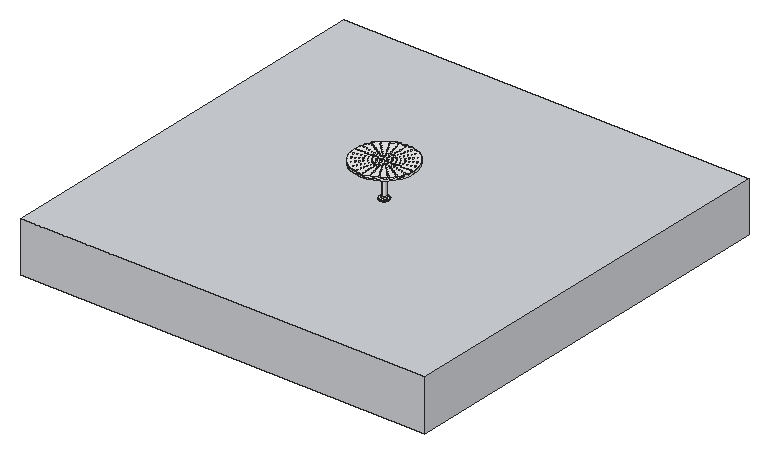
Revit family
Parameters (values of type "Metal-CP-Polished_Chrome")
  Width [instance] = 1' - 2"
  URL = "http://www.us.kohler.com"
  Showerhead Supply Pipe Radius = 0' 0 1/2"  # 1/2"
  Showerhead Supply Pipe Diameter = Showerhead Supply Pipe Radius * 2  # 1"
  Showerhead Supply = "Showerhead Supply"  # constant formula
  Product Page URL = "http://www.us.kohler.com/onlinecatalog/detail.jsp?prod_num=13691"
  Product Documentation Link = "http://www.us.kohler.com/onlinecatalog/pdf/1141989_4.pdf"
  Model = "K-13691"  # constant formula
  Manufacturer = "Kohler"  # constant formula
  Length [instance] = 0' - 2 3/4"
  Height [instance] = 1' - 2"
  Finish = Metal-Kohler-CP-Polished Chrome
  Description = "14in Contemporary round rainhead with Katalyst spray technology"  # constant formula
  Default Elevation = 0' - 0"
  Created By = "http://medialab3dstudio.com"
  Assembly Code = "C1030200"
Reference planes (in)
  plane 1 "Center (Front/Back)": y = 0
  plane 2 "Back": z = 0
  plane 3 "Center (Left/Right)": x = 0
  plane 4 "Left": x = -7
  plane 5 "Right": x = 7
  plane 6 "Top": y = 7
  plane 7 "Bottom": y = -7
  plane 8 "Front": z = 8.25422
Forms (in)
  Extrusion 1, solid
    sketch origin (0, 0, 0) x (1, 0, 0) y (0, 1, 0)
      loop
        line (-48, 48) -> (-48, -48) -> (48, -48) -> (48, 48) -> (-48, 48)
    from 0 to -12
  Extrusion 2, solid, material "Metal-Kohler-CP-Polished Chrome" <- "Finish", detail levels coarse+medium
    sketch origin (0, 0, 0) x (1, 0, 0) y (0, 1, 0)
      loop
        line (-7, 7) -> (-7, -7) -> (7, -7) -> (7, 7) -> (-7, 7)
    from 0 to 8.25422
  Extrusion 3, solid, material "Metal-Kohler-CP-Polished Chrome" <- "Finish", not visible
    sketch origin (0, 0, 0) x (1, 0, 0) y (0, 1, 0)
      loop
        circle (0, 0) r 0.5
    from 0 to 0.16701
Lines and regions (in)
  Masking region 1, detail levels coarse
    outline origin (0, 0, 0) x (1, 0, 0) y (0, 0, 1)
      loop
        line (-7, 8.25422) -> (-7, 0) -> (7, 0) -> (7, 8.25422) -> (-7, 8.25422)
  Masking region 2, detail levels coarse
    outline origin (0, 0, 0) x (0, 1, 0) y (0, 0, 1)
      loop
        line (7, 8.25422) -> (-7, 8.25422) -> (-7, 0) -> (7, 0) -> (7, 8.25422)
Dimensions and locks (in)
  equal spacing: plane 4 "Left", plane 3 "Center (Left/Right)", plane 5 "Right", locked at 7 each
  "Width": plane 4 "Left" to plane 5 "Right"
  equal spacing: plane 6 "Top", plane 1 "Center (Front/Back)", plane 7 "Bottom", locked at 7 each
  "Height": plane 6 "Top" to plane 7 "Bottom"
  plane 8 "Front" to plane 2 "Back" = 0' - 8.25422"
  "Showerhead Supply Pipe Radius": radius of Extrusion 3 sketch curve
  aligned and locked: plane 2 "Back" to Extrusion 1
  aligned and locked: level to Extrusion 1
  aligned: plane 8 "Front" to nested 1
Automatic sketch dimensions
  Extrusion 1 sketch curve to Extrusion 1 sketch curve = 8' - 0"  (x2)
  Masking region 1 sketch curve to plane 4 "Left" = 0' - 0"
  Masking region 1 sketch curve to plane 5 "Right" = 0' - 0"
  Masking region 1 sketch curve to level = 0' - 0"
  plane 8 "Front" to Masking region 1 sketch curve = 0' - 0"
  Masking region 2 sketch curve to plane 7 "Bottom" = 0' - 0"
  plane 6 "Top" to Masking region 2 sketch curve = 0' - 0"
  Masking region 2 sketch curve to level = 0' - 0"
  plane 8 "Front" to Masking region 2 sketch curve = 0' - 0"
  Extrusion 2 sketch curve to plane 4 "Left" = 0' - 0"
  Extrusion 2 sketch curve to plane 5 "Right" = 0' - 0"
  Extrusion 2 sketch curve to plane 7 "Bottom" = 0' - 0"
  plane 6 "Top" to Extrusion 2 sketch curve = 0' - 0"
  Extrusion 3 sketch curve to plane 3 "Center (Left/Right)" = 0' - 0"
  Extrusion 3 sketch curve to plane 1 "Center (Front/Back)" = 0' - 0"
Nested families (in)
  nested 1: "13691_Base" at (0, 0, 5.50422), type "13691_Base"
  nested 2: "Arm_Base" at (0, 0, 0), type "Arm_Base"
Connectors (in)
  piping at (0, 0, 0), driven by "Showerhead Supply", driven by "Showerhead Supply Pipe Radius"
    settings: on Extrusion 3, index 1, connector radius 1/2", flow factor 0, pipe flow 2.5 GPM, pressure drop 0.00 psi, fitting loss kfactor 0, connector angle 0.00°, fixture units 0, flow configuration 0, flow direction 1, fitting loss method 0, system type 7, connector reference index -1, connector utility 0, adjustable connector no, is connector primary yes, fitting loss table "", connector description "Showerhead Supply"
Definition of nested family "13691_Base"
  Parameters (values of type "13691_Base")
    Finish = Metal-Kohler-CP-Polished Chrome
    Assembly Code = ""
  Reference planes (in)
    plane 1 "Center (Front/Back)": y = 0
    plane 2 "Back": z = 0
    plane 3 "Center (Left/Right)": x = 0
    plane 4 "Left": x = -7
    plane 5 "Right": x = 7
    plane 6 "Top": y = 7
    plane 7 "Bottom": y = -7
    plane 8 "Front": z = 2.75
  Forms (in)
    Revolve 1, solid, material "Metal-Kohler-CP-Polished Chrome" <- "Finish", detail levels fine
      sketch origin (0, 0, 0) x (1, 0, 0) y (0, 0, 1)
        loop
          line (0, 0) -> (0, 2.71692) -> (-6.97026, 2.71692)
          arc (-6.97026, 2.71692) -> (-6.9913, 2.70814) -> (-7, 2.68707) r 0.02985
          line (-7, 2.68707) -> (-7, 2.24404) -> (-0.72059, 2.24404) -> (-0.72059, 1.66964) -> (-0.68982, 1.66964) -> (-0.68982, 1.19665) -> (-0.43848, 1.19665)
          arc (-0.43848, 1.19665) -> (-0.39123, 1.13635) -> (-0.33581, 1.08346) r 0.53225
          arc (-0.33581, 1.08346) -> (-0.31109, 1.01901) -> (-0.35357, 0.96459) r 0.07013
          arc (-0.35357, 0.96459) -> (-0.4567, 0.87986) -> (-0.49543, 0.75212) r 0.23005
          line (-0.49543, 0.75212) -> (-0.49543, 0.02372)
          arc (-0.49543, 0.02372) -> (-0.49101, 0.00722) -> (-0.47553, 0) r 0.02021
          line (-0.47553, 0) -> (0, 0)
        axis (0, 0) -> (0, 2.71692)
      angle from 0 to 360
    Extrusion 2, solid, material "Metal-Kohler-CP-Polished Chrome" <- "Finish", detail levels fine
      sketch origin (0, 0, 0) x (-1, 0, 0) y (0, -1, 0)
        loop
          circle (3.88889, 0) r 0.05864
        loop
          circle (3.11111, 0) r 0.05864
        loop
          circle (2.33333, 0) r 0.05864
        loop
          circle (1.55556, 0) r 0.05864
        loop
          circle (4.66667, 0) r 0.05864
        loop
          circle (0.77778, 0) r 0.05864
        loop
          circle (5.44444, 0) r 0.05864
        loop
          circle (6.22222, 0) r 0.05864
        loop
          circle (0, -3.88889) r 0.05864
        loop
          circle (0, -3.11111) r 0.05864
        loop
          circle (0, -2.33333) r 0.05864
        loop
          circle (0, -1.55556) r 0.05864
        loop
          circle (0, -4.66667) r 0.05864
        loop
          circle (0, -0.77778) r 0.05864
        loop
          circle (0, -5.44444) r 0.05864
        loop
          circle (0, -6.22222) r 0.05864
        loop
          circle (2.74986, -2.74986) r 0.05864
        loop
          circle (2.19989, -2.19989) r 0.05864
        loop
          circle (1.64992, -1.64992) r 0.05864
        loop
          circle (1.09994, -1.09994) r 0.05864
        loop
          circle (3.29983, -3.29983) r 0.05864
        loop
          circle (0.54997, -0.54997) r 0.05864
        loop
          circle (3.8498, -3.8498) r 0.05864
        loop
          circle (4.39978, -4.39978) r 0.05864
        loop
          circle (1.94438, -3.36778) r 0.05853
        loop
          circle (1.55549, -2.69421) r 0.05853
        loop
          circle (1.1666, -2.02063) r 0.05853
        loop
          circle (0.77772, -1.34706) r 0.05853
        loop
          circle (2.33327, -4.04136) r 0.05853
        loop
          circle (2.72216, -4.71493) r 0.05853
        loop
          circle (3.11105, -5.38851) r 0.05853
        loop
          arc (3.41845, -1.97367) -> (3.3946, -1.89796) -> (3.3171, -1.91512) r 0.05875
          arc (3.3171, -1.91512) -> (3.33582, -1.99971) -> (3.41845, -1.97367) r 0.05875
        loop
          arc (2.74488, -1.58478) -> (2.72102, -1.50907) -> (2.64352, -1.52623) r 0.05875
          arc (2.64352, -1.52623) -> (2.66225, -1.61082) -> (2.74488, -1.58478) r 0.05875
        loop
          arc (2.0713, -1.19589) -> (2.04745, -1.12018) -> (1.96995, -1.13734) r 0.05875
          arc (1.96995, -1.13734) -> (1.98867, -1.22193) -> (2.0713, -1.19589) r 0.05875
        loop
          arc (1.39773, -0.807) -> (1.37387, -0.7313) -> (1.29637, -0.74845) r 0.05875
          arc (1.29637, -0.74845) -> (1.3151, -0.83304) -> (1.39773, -0.807) r 0.05875
        loop
          arc (4.09203, -2.36256) -> (4.06817, -2.28685) -> (3.99067, -2.30401) r 0.05875
          arc (3.99067, -2.30401) -> (4.0094, -2.3886) -> (4.09203, -2.36256) r 0.05875
        loop
          arc (4.76561, -2.75145) -> (4.74175, -2.67574) -> (4.66425, -2.6929) r 0.05875
          arc (4.66425, -2.6929) -> (4.68297, -2.77749) -> (4.76561, -2.75145) r 0.05875
        loop
          arc (5.43918, -3.14034) -> (5.41532, -3.06463) -> (5.33782, -3.08179) r 0.05875
          arc (5.33782, -3.08179) -> (5.35655, -3.16638) -> (5.43918, -3.14034) r 0.05875
        loop
          circle (1.00652, -3.75638) r 0.05864
        loop
          circle (0.80521, -3.0051) r 0.05864
        loop
          circle (0.60391, -2.25383) r 0.05864
        loop
          circle (1.20782, -4.50765) r 0.05864
        loop
          circle (1.40913, -5.25893) r 0.05864
        loop
          circle (1.61043, -6.01021) r 0.05864
        loop
          circle (3.75638, -1.00652) r 0.05864
        loop
          circle (3.0051, -0.80521) r 0.05864
        loop
          circle (2.25383, -0.60391) r 0.05864
        loop
          circle (4.50765, -1.20782) r 0.05864
        loop
          circle (5.25893, -1.40913) r 0.05864
        loop
          circle (6.01021, -1.61043) r 0.05864
        loop
          circle (0, 3.88889) r 0.05864
        loop
          circle (0, 3.11111) r 0.05864
        loop
          circle (0, 2.33333) r 0.05864
        loop
          circle (0, 1.55556) r 0.05864
        loop
          circle (0, 4.66667) r 0.05864
        loop
          circle (0, 0.77778) r 0.05864
        loop
          circle (0, 5.44444) r 0.05864
        loop
          circle (0, 6.22222) r 0.05864
        loop
          circle (2.74986, 2.74986) r 0.05864
        loop
          circle (2.19989, 2.19989) r 0.05864
        loop
          circle (1.64992, 1.64992) r 0.05864
        loop
          circle (1.09994, 1.09994) r 0.05864
        loop
          circle (3.29983, 3.29983) r 0.05864
        loop
          circle (0.54997, 0.54997) r 0.05864
        loop
          circle (3.8498, 3.8498) r 0.05864
        loop
          circle (4.39978, 4.39978) r 0.05864
        loop
          circle (1.94438, 3.36778) r 0.05853
        loop
          circle (1.55549, 2.69421) r 0.05853
        loop
          circle (1.1666, 2.02063) r 0.05853
        loop
          circle (0.77772, 1.34706) r 0.05853
        loop
          circle (2.33327, 4.04136) r 0.05853
        loop
          circle (2.72216, 4.71493) r 0.05853
        loop
          circle (3.11105, 5.38851) r 0.05853
        loop
          arc (3.41845, 1.97367) -> (3.33582, 1.99971) -> (3.3171, 1.91512) r 0.05875
          arc (3.3171, 1.91512) -> (3.3946, 1.89796) -> (3.41845, 1.97367) r 0.05875
        loop
          arc (2.74488, 1.58478) -> (2.66225, 1.61082) -> (2.64352, 1.52623) r 0.05875
          arc (2.64352, 1.52623) -> (2.72102, 1.50907) -> (2.74488, 1.58478) r 0.05875
        loop
          arc (2.0713, 1.19589) -> (1.98867, 1.22193) -> (1.96995, 1.13734) r 0.05875
          arc (1.96995, 1.13734) -> (2.04745, 1.12018) -> (2.0713, 1.19589) r 0.05875
        loop
          arc (1.39773, 0.807) -> (1.3151, 0.83304) -> (1.29637, 0.74845) r 0.05875
          arc (1.29637, 0.74845) -> (1.37387, 0.7313) -> (1.39773, 0.807) r 0.05875
        loop
          arc (4.09203, 2.36256) -> (4.0094, 2.3886) -> (3.99067, 2.30401) r 0.05875
          arc (3.99067, 2.30401) -> (4.06817, 2.28685) -> (4.09203, 2.36256) r 0.05875
        loop
          arc (4.76561, 2.75145) -> (4.68297, 2.77749) -> (4.66425, 2.6929) r 0.05875
          arc (4.66425, 2.6929) -> (4.74175, 2.67574) -> (4.76561, 2.75145) r 0.05875
        loop
          arc (5.43918, 3.14034) -> (5.35655, 3.16638) -> (5.33782, 3.08179) r 0.05875
          arc (5.33782, 3.08179) -> (5.41532, 3.06463) -> (5.43918, 3.14034) r 0.05875
        loop
          circle (1.00652, 3.75638) r 0.05864
        loop
          circle (0.80521, 3.0051) r 0.05864
        loop
          circle (0.60391, 2.25383) r 0.05864
        loop
          circle (1.20782, 4.50765) r 0.05864
        loop
          circle (1.40913, 5.25893) r 0.05864
        loop
          circle (1.61043, 6.01021) r 0.05864
        loop
          circle (3.75638, 1.00652) r 0.05864
        loop
          circle (3.0051, 0.80521) r 0.05864
        loop
          circle (2.25383, 0.60391) r 0.05864
        loop
          circle (4.50765, 1.20782) r 0.05864
        loop
          circle (5.25893, 1.40913) r 0.05864
        loop
          circle (6.01021, 1.61043) r 0.05864
        loop
          circle (-3.88889, 0) r 0.05864
        loop
          circle (-3.11111, 0) r 0.05864
        loop
          circle (-2.33333, 0) r 0.05864
        loop
          circle (-1.55556, 0) r 0.05864
        loop
          circle (-4.66667, 0) r 0.05864
        loop
          circle (-0.77778, 0) r 0.05864
        loop
          circle (-5.44444, 0) r 0.05864
        loop
          circle (-6.22222, 0) r 0.05864
        loop
          circle (-2.74986, -2.74986) r 0.05864
        loop
          circle (-2.19989, -2.19989) r 0.05864
        loop
          circle (-1.64992, -1.64992) r 0.05864
        loop
          circle (-1.09994, -1.09994) r 0.05864
        loop
          circle (-3.29983, -3.29983) r 0.05864
        loop
          circle (-0.54997, -0.54997) r 0.05864
        loop
          circle (-3.8498, -3.8498) r 0.05864
        loop
          circle (-4.39978, -4.39978) r 0.05864
        loop
          circle (-1.94438, -3.36778) r 0.05853
        loop
          circle (-1.55549, -2.69421) r 0.05853
        loop
          circle (-1.1666, -2.02063) r 0.05853
        loop
          circle (-0.77772, -1.34706) r 0.05853
        loop
          circle (-2.33327, -4.04136) r 0.05853
        loop
          circle (-2.72216, -4.71493) r 0.05853
        loop
          circle (-3.11105, -5.38851) r 0.05853
        loop
          arc (-3.41845, -1.97367) -> (-3.33582, -1.99971) -> (-3.3171, -1.91512) r 0.05875
          arc (-3.3171, -1.91512) -> (-3.3946, -1.89796) -> (-3.41845, -1.97367) r 0.05875
        loop
          arc (-2.74488, -1.58478) -> (-2.66225, -1.61082) -> (-2.64352, -1.52623) r 0.05875
          arc (-2.64352, -1.52623) -> (-2.72102, -1.50907) -> (-2.74488, -1.58478) r 0.05875
        loop
          arc (-2.0713, -1.19589) -> (-1.98867, -1.22193) -> (-1.96995, -1.13734) r 0.05875
          arc (-1.96995, -1.13734) -> (-2.04745, -1.12018) -> (-2.0713, -1.19589) r 0.05875
        loop
          arc (-1.39773, -0.807) -> (-1.3151, -0.83304) -> (-1.29637, -0.74845) r 0.05875
          arc (-1.29637, -0.74845) -> (-1.37387, -0.7313) -> (-1.39773, -0.807) r 0.05875
        loop
          arc (-4.09203, -2.36256) -> (-4.0094, -2.3886) -> (-3.99067, -2.30401) r 0.05875
          arc (-3.99067, -2.30401) -> (-4.06817, -2.28685) -> (-4.09203, -2.36256) r 0.05875
        loop
          arc (-4.76561, -2.75145) -> (-4.68297, -2.77749) -> (-4.66425, -2.6929) r 0.05875
          arc (-4.66425, -2.6929) -> (-4.74175, -2.67574) -> (-4.76561, -2.75145) r 0.05875
        loop
          arc (-5.43918, -3.14034) -> (-5.35655, -3.16638) -> (-5.33782, -3.08179) r 0.05875
          arc (-5.33782, -3.08179) -> (-5.41532, -3.06463) -> (-5.43918, -3.14034) r 0.05875
        loop
          circle (-1.00652, -3.75638) r 0.05864
        loop
          circle (-0.80521, -3.0051) r 0.05864
        loop
          circle (-0.60391, -2.25383) r 0.05864
        loop
          circle (-1.20782, -4.50765) r 0.05864
        loop
          circle (-1.40913, -5.25893) r 0.05864
        loop
          circle (-1.61043, -6.01021) r 0.05864
        loop
          circle (-3.75638, -1.00652) r 0.05864
        loop
          circle (-3.0051, -0.80521) r 0.05864
        loop
          circle (-2.25383, -0.60391) r 0.05864
        loop
          circle (-4.50765, -1.20782) r 0.05864
        loop
          circle (-5.25893, -1.40913) r 0.05864
        loop
          circle (-6.01021, -1.61043) r 0.05864
        loop
          circle (-2.74986, 2.74986) r 0.05864
        loop
          circle (-2.19989, 2.19989) r 0.05864
        loop
          circle (-1.64992, 1.64992) r 0.05864
        loop
          circle (-1.09994, 1.09994) r 0.05864
        loop
          circle (-3.29983, 3.29983) r 0.05864
        loop
          circle (-0.54997, 0.54997) r 0.05864
        loop
          circle (-3.8498, 3.8498) r 0.05864
        loop
          circle (-4.39978, 4.39978) r 0.05864
        loop
          circle (-1.94438, 3.36778) r 0.05853
        loop
          circle (-1.55549, 2.69421) r 0.05853
        loop
          circle (-1.1666, 2.02063) r 0.05853
        loop
          circle (-0.77772, 1.34706) r 0.05853
        loop
          circle (-2.33327, 4.04136) r 0.05853
        loop
          circle (-2.72216, 4.71493) r 0.05853
        loop
          circle (-3.11105, 5.38851) r 0.05853
        loop
          arc (-3.41845, 1.97367) -> (-3.3946, 1.89796) -> (-3.3171, 1.91512) r 0.05875
          arc (-3.3171, 1.91512) -> (-3.33582, 1.99971) -> (-3.41845, 1.97367) r 0.05875
        loop
          arc (-2.74488, 1.58478) -> (-2.72102, 1.50907) -> (-2.64352, 1.52623) r 0.05875
          arc (-2.64352, 1.52623) -> (-2.66225, 1.61082) -> (-2.74488, 1.58478) r 0.05875
        loop
          arc (-2.0713, 1.19589) -> (-2.04745, 1.12018) -> (-1.96995, 1.13734) r 0.05875
          arc (-1.96995, 1.13734) -> (-1.98867, 1.22193) -> (-2.0713, 1.19589) r 0.05875
        loop
          arc (-1.39773, 0.807) -> (-1.37387, 0.7313) -> (-1.29637, 0.74845) r 0.05875
          arc (-1.29637, 0.74845) -> (-1.3151, 0.83304) -> (-1.39773, 0.807) r 0.05875
        loop
          arc (-4.09203, 2.36256) -> (-4.06817, 2.28685) -> (-3.99067, 2.30401) r 0.05875
          arc (-3.99067, 2.30401) -> (-4.0094, 2.3886) -> (-4.09203, 2.36256) r 0.05875
        loop
          arc (-4.76561, 2.75145) -> (-4.74175, 2.67574) -> (-4.66425, 2.6929) r 0.05875
          arc (-4.66425, 2.6929) -> (-4.68297, 2.77749) -> (-4.76561, 2.75145) r 0.05875
        loop
          arc (-5.43918, 3.14034) -> (-5.41532, 3.06463) -> (-5.33782, 3.08179) r 0.05875
          arc (-5.33782, 3.08179) -> (-5.35655, 3.16638) -> (-5.43918, 3.14034) r 0.05875
        loop
          circle (-1.00652, 3.75638) r 0.05864
        loop
          circle (-0.80521, 3.0051) r 0.05864
        loop
          circle (-0.60391, 2.25383) r 0.05864
        loop
          circle (-1.20782, 4.50765) r 0.05864
        loop
          circle (-1.40913, 5.25893) r 0.05864
        loop
          circle (-1.61043, 6.01021) r 0.05864
        loop
          circle (-3.75638, 1.00652) r 0.05864
        loop
          circle (-3.0051, 0.80521) r 0.05864
        loop
          circle (-2.25383, 0.60391) r 0.05864
        loop
          circle (-4.50765, 1.20782) r 0.05864
        loop
          circle (-5.25893, 1.40913) r 0.05864
        loop
          circle (-6.01021, 1.61043) r 0.05864
      from 2.52219 to 2.75
  Cuts and joins
    joined: Revolve 1, Extrusion 2
  Lines and regions (in)
    Masking region 1, detail levels medium+fine
      outline origin (0, 0, 0) x (1, 0, 0) y (0, 0, 1)
        loop
          line (-0.47553, 0) -> (0.47553, 0)
          arc (0.47553, 0) -> (0.49088, 0.00733) -> (0.49543, 0.02372) r 0.02052
          line (0.49543, 0.02372) -> (0.49543, 0.75212)
          arc (0.49543, 0.75212) -> (0.45667, 0.87989) -> (0.35346, 0.96459) r 0.22998
          arc (0.35346, 0.96459) -> (0.31099, 1.01905) -> (0.33591, 1.08346) r 0.07001
          arc (0.33591, 1.08346) -> (0.39141, 1.13623) -> (0.43848, 1.19665) r 0.51518
          line (0.43848, 1.19665) -> (0.68982, 1.19665) -> (0.68982, 1.66964) -> (0.72059, 1.66964) -> (0.72059, 2.24404) -> (7, 2.24404) -> (7, 2.68718)
          arc (7, 2.68718) -> (6.99129, 2.70821) -> (6.97026, 2.71692) r 0.02974
          line (6.97026, 2.71692) -> (-6.97026, 2.71692)
          arc (-6.97026, 2.71692) -> (-6.99129, 2.70821) -> (-7, 2.68718) r 0.02974
          line (-7, 2.68718) -> (-7, 2.24404) -> (-0.72059, 2.24404) -> (-0.72059, 1.66964) -> (-0.68982, 1.66964) -> (-0.68982, 1.19665) -> (-0.43848, 1.19665)
          arc (-0.43848, 1.19665) -> (-0.39141, 1.13623) -> (-0.33591, 1.08346) r 0.51518
          arc (-0.33591, 1.08346) -> (-0.31099, 1.01905) -> (-0.35346, 0.96459) r 0.07001
          arc (-0.35346, 0.96459) -> (-0.45667, 0.87989) -> (-0.49543, 0.75212) r 0.22998
          line (-0.49543, 0.75212) -> (-0.49543, 0.02372)
          arc (-0.49543, 0.02372) -> (-0.49088, 0.00733) -> (-0.47553, 0) r 0.02052
    Masking region 2, detail levels medium+fine
      outline origin (0, 0, 0) x (0, 1, 0) y (0, 0, 1)
        loop
          arc (0.47553, 0) -> (0.49093, 0.00718) -> (0.49532, 0.02359) r 0.0201
          line (0.49532, 0.02359) -> (0.49532, 0.75212)
          arc (0.49532, 0.75212) -> (0.45614, 0.88026) -> (0.35201, 0.96459) r 0.22916
          arc (0.35201, 0.96459) -> (0.31138, 1.01963) -> (0.33597, 1.08346) r 0.07111
          arc (0.33597, 1.08346) -> (0.39108, 1.13665) -> (0.43869, 1.19665) r 0.57911
          line (0.43869, 1.19665) -> (0.68956, 1.19665) -> (0.68956, 1.66964) -> (0.72059, 1.66964) -> (0.72059, 2.26074) -> (7, 2.26074) -> (7, 2.70356)
          arc (7, 2.70356) -> (6.99121, 2.7248) -> (6.96999, 2.73363) r 0.03007
          line (6.96999, 2.73363) -> (-6.96992, 2.73363)
          arc (-6.96992, 2.73363) -> (-6.99119, 2.72482) -> (-7, 2.70355) r 0.03008
          line (-7, 2.70355) -> (-7, 2.26074) -> (-0.72059, 2.26074) -> (-0.72059, 1.66964) -> (-0.68956, 1.66964) -> (-0.68956, 1.19665) -> (-0.43869, 1.19665)
          arc (-0.43869, 1.19665) -> (-0.39108, 1.13665) -> (-0.33597, 1.08346) r 0.57911
          arc (-0.33597, 1.08346) -> (-0.31138, 1.01963) -> (-0.35201, 0.96459) r 0.07111
          arc (-0.35201, 0.96459) -> (-0.45614, 0.88026) -> (-0.49532, 0.75212) r 0.22916
          line (-0.49532, 0.75212) -> (-0.49532, 0.02359)
          arc (-0.49532, 0.02359) -> (-0.49093, 0.00718) -> (-0.47553, 0) r 0.0201
          line (-0.47553, 0) -> (0.47553, 0)
    Masking region 3, detail levels coarse
      outline origin (0, 0, 0) x (1, 0, 0) y (0, 1, 0)
        loop
          line (-7, 7) -> (-7, -7) -> (7, -7) -> (7, 7) -> (-7, 7)
    Masking region 4, detail levels medium+fine
      outline origin (0, 0, 0) x (1, 0, 0) y (0, 1, 0)
        loop
          circle (0, 0) r 7
    symbolic lines
      curve 1: line (-6.2007, 0, 2.76048) -> (-6.19204, 0, 2.72296)
    symbolic lines, style "Masking Lines", detail levels fine
      curve 2: line (-0.72059, 0, 2.24404) -> (0.72059, 0, 2.24404)
      curve 3: line (-0.68982, 0, 1.66964) -> (0.68982, 0, 1.66964)
      curve 4: line (-0.43848, 0, 1.19665) -> (0.43848, 0, 1.19665)
      curve 5: line (-0.33591, 0, 1.08346) -> (0.33591, 0, 1.08346)
      curve 6: line (-0.35346, 0, 0.96459) -> (0.35346, 0, 0.96459)
      curve 7: line (-0.49543, 0, 0.75212) -> (-0.19715, 0, 0.75212)
      curve 8: line (0.19298, 0, 0.75212) -> (0.49543, 0, 0.75212)
      curve 9: spline (-0.19715, 0, 0.75212) -> (-0.19043, 0, 0.78649) -> (-0.17074, 0, 0.81851) -> (-0.13942, 0, 0.84602) -> (-0.0986, 0, 0.86712) -> (-0.05107, 0, 0.88038) -> (-0.00005, 0, 0.88491) -> (0.05096, 0, 0.88038) -> (0.09849, 0, 0.86712) -> (0.13931, 0, 0.84602) -> (0.17064, 0, 0.81851) -> (0.19033, 0, 0.78649) -> (0.19704, 0, 0.75212)
      curve 10: spline (-0.19308, 0, 0.75212) -> (-0.18651, 0, 0.78493) -> (-0.16722, 0, 0.8155) -> (-0.13655, 0, 0.84175) -> (-0.09657, 0, 0.8619) -> (-0.05001, 0, 0.87456) -> (-0.00005, 0, 0.87888) -> (0.04991, 0, 0.87456) -> (0.09646, 0, 0.8619) -> (0.13644, 0, 0.84175) -> (0.16712, 0, 0.8155) -> (0.1864, 0, 0.78493) -> (0.19298, 0, 0.75212)
      curve 11: line (0.19704, 0, 0.17428) -> (0.19704, 0, 0.75212)
      curve 12: line (0.19298, 0, 0.1745) -> (0.19298, 0, 0.75212)
      curve 13: line (-0.19715, 0, 0.75212) -> (-0.19715, 0, 0.17428)
      curve 14: line (-0.19308, 0, 0.75212) -> (-0.19308, 0, 0.1745)
      curve 15: line (-0.19715, 0, 0.17428) -> (0.19704, 0, 0.17428)
      curve 16: line (0.17668, 0, 0.16743) -> (-0.17896, 0, 0.16743)
      curve 17: line (-0.19308, 0, 0.1745) -> (0.19298, 0, 0.1745)
      curve 18: line (-0.19715, 0, 0.17428) -> (0.19704, 0, 0.17428)
      curve 19: line (0.49543, 0, 0.02372) -> (-0.49543, 0, 0.02372)
      curve 20: line (0.49543, 0, 0.02022) -> (-0.49543, 0, 0.02022)
      curve 21: line (0, 0.49543, 0.02022) -> (0, -0.49543, 0.02022)
      curve 22: line (0, -0.49532, 0.75212) -> (0, 0.49532, 0.75212)
      curve 23: line (0, -0.35357, 0.96459) -> (0, 0.35335, 0.96459)
      curve 24: line (0, -0.33591, 1.08346) -> (0, 0.33575, 1.08346)
      curve 25: line (0, -0.68982, 1.19665) -> (0, 0.68956, 1.19665)
      curve 26: line (0, 4.00021, 2.26074) -> (0, -4, 2.26074)
      curve 27: arc (-0.43848, 0, 2.75) -> (0, -0.43848, 2.75) -> (0.43848, 0, 2.75) r 0.43848
      curve 28: arc (0.43848, 0, 2.75) -> (0, 0.43848, 2.75) -> (-0.43848, 0, 2.75) r 0.43848
      curve 29: arc (0, 0.43848, 2.75) -> (-0.43848, 0, 2.75) -> (0, -0.43848, 2.75) r 0.43848
      curve 30: arc (0, -0.43848, 2.75) -> (0.43848, 0, 2.75) -> (0, 0.43848, 2.75) r 0.43848
      curve 31: arc (-1.59525, 5.95356, 2.75) -> (-1.55379, 6.02538, 2.75) -> (-1.62561, 6.06685, 2.75) r 0.05864
      curve 32: arc (-1.62561, 6.06685, 2.75) -> (-1.66707, 5.99503, 2.75) -> (-1.59525, 5.95356, 2.75) r 0.05864
      curve 33: arc (-1.39395, 5.20229, 2.75) -> (-1.35249, 5.27411, 2.75) -> (-1.4243, 5.31557, 2.75) r 0.05864
      curve 34: arc (-1.4243, 5.31557, 2.75) -> (-1.46577, 5.24375, 2.75) -> (-1.39395, 5.20229, 2.75) r 0.05864
      curve 35: arc (-1.19265, 4.45101, 2.75) -> (-1.15118, 4.52283, 2.75) -> (-1.223, 4.56429, 2.75) r 0.05864
      curve 36: arc (-1.223, 4.56429, 2.75) -> (-1.26446, 4.49248, 2.75) -> (-1.19265, 4.45101, 2.75) r 0.05864
      curve 37: arc (-0.99134, 3.69974, 2.75) -> (-0.94988, 3.77155, 2.75) -> (-1.0217, 3.81302, 2.75) r 0.05864
      curve 38: arc (-1.0217, 3.81302, 2.75) -> (-1.06316, 3.7412, 2.75) -> (-0.99134, 3.69974, 2.75) r 0.05864
      curve 39: arc (-0.79004, 2.94846, 2.75) -> (-0.74857, 3.02028, 2.75) -> (-0.82039, 3.06174, 2.75) r 0.05864
      curve 40: arc (-0.82039, 3.06174, 2.75) -> (-0.86186, 2.98993, 2.75) -> (-0.79004, 2.94846, 2.75) r 0.05864
      curve 41: arc (-0.58873, 2.19719, 2.75) -> (-0.54727, 2.269, 2.75) -> (-0.61909, 2.31047, 2.75) r 0.05864
      curve 42: arc (-0.61909, 2.31047, 2.75) -> (-0.66055, 2.23865, 2.75) -> (-0.58873, 2.19719, 2.75) r 0.05864
      curve 43: arc (0, 0.71914, 2.75) -> (0.05864, 0.77778, 2.75) -> (0, 0.83642, 2.75) r 0.05864
      curve 44: arc (0, 0.83642, 2.75) -> (-0.05864, 0.77778, 2.75) -> (0, 0.71914, 2.75) r 0.05864
      curve 45: arc (0, 1.49692, 2.75) -> (0.05864, 1.55556, 2.75) -> (0, 1.61419, 2.75) r 0.05864
      curve 46: arc (0, 1.61419, 2.75) -> (-0.05864, 1.55556, 2.75) -> (0, 1.49692, 2.75) r 0.05864
      curve 47: arc (0, 6.16358, 2.75) -> (0.05864, 6.22222, 2.75) -> (0, 6.28086, 2.75) r 0.05864
      curve 48: arc (0, 6.28086, 2.75) -> (-0.05864, 6.22222, 2.75) -> (0, 6.16358, 2.75) r 0.05864
      curve 49: arc (0, 5.38581, 2.75) -> (0.05864, 5.44444, 2.75) -> (0, 5.50308, 2.75) r 0.05864
      curve 50: arc (0, 5.50308, 2.75) -> (-0.05864, 5.44444, 2.75) -> (0, 5.38581, 2.75) r 0.05864
      curve 51: arc (0, 4.60803, 2.75) -> (0.05864, 4.66667, 2.75) -> (0, 4.72531, 2.75) r 0.05864
      curve 52: arc (0, 4.72531, 2.75) -> (-0.05864, 4.66667, 2.75) -> (0, 4.60803, 2.75) r 0.05864
      curve 53: arc (0, 3.83025, 2.75) -> (0.05864, 3.88889, 2.75) -> (0, 3.94753, 2.75) r 0.05864
      curve 54: arc (0, 3.94753, 2.75) -> (-0.05864, 3.88889, 2.75) -> (0, 3.83025, 2.75) r 0.05864
      curve 55: arc (0, 3.05247, 2.75) -> (0.05864, 3.11111, 2.75) -> (0, 3.16975, 2.75) r 0.05864
      curve 56: arc (0, 3.16975, 2.75) -> (-0.05864, 3.11111, 2.75) -> (0, 3.05247, 2.75) r 0.05864
      curve 57: arc (0, 2.27469, 2.75) -> (0.05864, 2.33333, 2.75) -> (0, 2.39197, 2.75) r 0.05864
      curve 58: arc (0, 2.39197, 2.75) -> (-0.05864, 2.33333, 2.75) -> (0, 2.27469, 2.75) r 0.05864
      curve 59: arc (-0.74846, 1.29637, 2.75) -> (-0.72703, 1.37631, 2.75) -> (-0.80697, 1.39775, 2.75) r 0.05853
      curve 60: arc (-0.80697, 1.39775, 2.75) -> (-0.82841, 1.3178, 2.75) -> (-0.74846, 1.29637, 2.75) r 0.05853
      curve 61: arc (-1.13735, 1.96994, 2.75) -> (-1.11591, 2.04988, 2.75) -> (-1.19586, 2.07132, 2.75) r 0.05853
      curve 62: arc (-1.19586, 2.07132, 2.75) -> (-1.2173, 1.99138, 2.75) -> (-1.13735, 1.96994, 2.75) r 0.05853
      curve 63: arc (-1.52624, 2.64352, 2.75) -> (-1.5048, 2.72346, 2.75) -> (-1.58475, 2.7449, 2.75) r 0.05853
      curve 64: arc (-1.58475, 2.7449, 2.75) -> (-1.60619, 2.66495, 2.75) -> (-1.52624, 2.64352, 2.75) r 0.05853
      curve 65: arc (-1.91513, 3.31709, 2.75) -> (-1.89369, 3.39703, 2.75) -> (-1.97363, 3.41847, 2.75) r 0.05853
      curve 66: arc (-1.97363, 3.41847, 2.75) -> (-1.99508, 3.33853, 2.75) -> (-1.91513, 3.31709, 2.75) r 0.05853
      curve 67: arc (-2.30402, 3.99067, 2.75) -> (-2.28258, 4.07061, 2.75) -> (-2.36252, 4.09205, 2.75) r 0.05853
      curve 68: arc (-2.36252, 4.09205, 2.75) -> (-2.38396, 4.0121, 2.75) -> (-2.30402, 3.99067, 2.75) r 0.05853
      curve 69: arc (-2.69291, 4.66424, 2.75) -> (-2.67147, 4.74418, 2.75) -> (-2.75141, 4.76563, 2.75) r 0.05853
      curve 70: arc (-2.75141, 4.76563, 2.75) -> (-2.77285, 4.68568, 2.75) -> (-2.69291, 4.66424, 2.75) r 0.05853
      curve 71: arc (-3.0818, 5.33782, 2.75) -> (-3.06036, 5.41776, 2.75) -> (-3.1403, 5.4392, 2.75) r 0.05853
      curve 72: arc (-3.1403, 5.4392, 2.75) -> (-3.16174, 5.35926, 2.75) -> (-3.0818, 5.33782, 2.75) r 0.05853
      curve 73: arc (-4.35831, 4.35831, 2.75) -> (-4.35831, 4.44124, 2.75) -> (-4.44124, 4.44124, 2.75) r 0.05864
      curve 74: arc (-4.44124, 4.44124, 2.75) -> (-4.44124, 4.35831, 2.75) -> (-4.35831, 4.35831, 2.75) r 0.05864
      curve 75: arc (-3.80834, 3.80834, 2.75) -> (-3.80834, 3.89127, 2.75) -> (-3.89127, 3.89127, 2.75) r 0.05864
      curve 76: arc (-3.89127, 3.89127, 2.75) -> (-3.89127, 3.80834, 2.75) -> (-3.80834, 3.80834, 2.75) r 0.05864
      curve 77: arc (-3.25837, 3.25837, 2.75) -> (-3.25837, 3.3413, 2.75) -> (-3.3413, 3.3413, 2.75) r 0.05864
      curve 78: arc (-3.3413, 3.3413, 2.75) -> (-3.3413, 3.25837, 2.75) -> (-3.25837, 3.25837, 2.75) r 0.05864
      curve 79: arc (-2.79132, 2.79132, 2.75) -> (-2.7084, 2.79132, 2.75) -> (-2.7084, 2.7084, 2.75) r 0.05864
      curve 80: arc (-2.7084, 2.7084, 2.75) -> (-2.79132, 2.7084, 2.75) -> (-2.79132, 2.79132, 2.75) r 0.05864
      curve 81: arc (-2.15842, 2.15842, 2.75) -> (-2.15842, 2.24135, 2.75) -> (-2.24135, 2.24135, 2.75) r 0.05864
      curve 82: arc (-2.24135, 2.24135, 2.75) -> (-2.24135, 2.15842, 2.75) -> (-2.15842, 2.15842, 2.75) r 0.05864
      curve 83: arc (-1.60845, 1.60845, 2.75) -> (-1.60845, 1.69138, 2.75) -> (-1.69138, 1.69138, 2.75) r 0.05864
      curve 84: arc (-1.69138, 1.69138, 2.75) -> (-1.69138, 1.60845, 2.75) -> (-1.60845, 1.60845, 2.75) r 0.05864
      curve 85: arc (-1.05848, 1.05848, 2.75) -> (-1.05848, 1.14141, 2.75) -> (-1.14141, 1.14141, 2.75) r 0.05864
      curve 86: arc (-1.14141, 1.14141, 2.75) -> (-1.14141, 1.05848, 2.75) -> (-1.05848, 1.05848, 2.75) r 0.05864
      curve 87: arc (-0.50851, 0.50851, 2.75) -> (-0.50851, 0.59144, 2.75) -> (-0.59144, 0.59144, 2.75) r 0.05864
      curve 88: arc (-0.59144, 0.59144, 2.75) -> (-0.59144, 0.50851, 2.75) -> (-0.50851, 0.50851, 2.75) r 0.05864
      curve 89: arc (-1.29637, 0.74845, 2.75) -> (-1.3151, 0.83304, 2.75) -> (-1.39773, 0.807, 2.75) r 0.05875
      curve 90: arc (-1.39773, 0.807, 2.75) -> (-1.37387, 0.7313, 2.75) -> (-1.29637, 0.74845, 2.75) r 0.05875
      curve 91: arc (-1.96995, 1.13734, 2.75) -> (-1.98867, 1.22193, 2.75) -> (-2.0713, 1.19589, 2.75) r 0.05875
      curve 92: arc (-2.0713, 1.19589, 2.75) -> (-2.04745, 1.12018, 2.75) -> (-1.96995, 1.13734, 2.75) r 0.05875
      curve 93: arc (-2.64352, 1.52623, 2.75) -> (-2.66225, 1.61082, 2.75) -> (-2.74488, 1.58478, 2.75) r 0.05875
      curve 94: arc (-2.74488, 1.58478, 2.75) -> (-2.72102, 1.50907, 2.75) -> (-2.64352, 1.52623, 2.75) r 0.05875
      curve 95: arc (-3.3171, 1.91512, 2.75) -> (-3.33582, 1.99971, 2.75) -> (-3.41845, 1.97367, 2.75) r 0.05875
      curve 96: arc (-3.41845, 1.97367, 2.75) -> (-3.3946, 1.89796, 2.75) -> (-3.3171, 1.91512, 2.75) r 0.05875
      curve 97: arc (-3.99067, 2.30401, 2.75) -> (-4.0094, 2.3886, 2.75) -> (-4.09203, 2.36256, 2.75) r 0.05875
      curve 98: arc (-4.09203, 2.36256, 2.75) -> (-4.06817, 2.28685, 2.75) -> (-3.99067, 2.30401, 2.75) r 0.05875
      curve 99: arc (-4.66425, 2.6929, 2.75) -> (-4.68297, 2.77749, 2.75) -> (-4.76561, 2.75145, 2.75) r 0.05875
      curve 100: arc (-4.76561, 2.75145, 2.75) -> (-4.74175, 2.67574, 2.75) -> (-4.66425, 2.6929, 2.75) r 0.05875
      curve 101: arc (-5.33782, 3.08179, 2.75) -> (-5.35655, 3.16638, 2.75) -> (-5.43918, 3.14034, 2.75) r 0.05875
      curve 102: arc (-5.43918, 3.14034, 2.75) -> (-5.41532, 3.06463, 2.75) -> (-5.33782, 3.08179, 2.75) r 0.05875
      curve 103: arc (-5.95356, 1.59525, 2.75) -> (-5.99503, 1.66707, 2.75) -> (-6.06685, 1.62561, 2.75) r 0.05864
      curve 104: arc (-6.06685, 1.62561, 2.75) -> (-6.02538, 1.55379, 2.75) -> (-5.95356, 1.59525, 2.75) r 0.05864
      curve 105: arc (-5.20229, 1.39395, 2.75) -> (-5.24375, 1.46577, 2.75) -> (-5.31557, 1.4243, 2.75) r 0.05864
      curve 106: arc (-5.31557, 1.4243, 2.75) -> (-5.27411, 1.35249, 2.75) -> (-5.20229, 1.39395, 2.75) r 0.05864
      curve 107: arc (-4.45101, 1.19265, 2.75) -> (-4.49248, 1.26446, 2.75) -> (-4.56429, 1.223, 2.75) r 0.05864
      curve 108: arc (-4.56429, 1.223, 2.75) -> (-4.52283, 1.15118, 2.75) -> (-4.45101, 1.19265, 2.75) r 0.05864
      curve 109: arc (-3.69974, 0.99134, 2.75) -> (-3.7412, 1.06316, 2.75) -> (-3.81302, 1.0217, 2.75) r 0.05864
      curve 110: arc (-3.81302, 1.0217, 2.75) -> (-3.77155, 0.94988, 2.75) -> (-3.69974, 0.99134, 2.75) r 0.05864
      curve 111: arc (-2.94846, 0.79004, 2.75) -> (-2.98993, 0.86186, 2.75) -> (-3.06174, 0.82039, 2.75) r 0.05864
      curve 112: arc (-3.06174, 0.82039, 2.75) -> (-3.02028, 0.74857, 2.75) -> (-2.94846, 0.79004, 2.75) r 0.05864
      curve 113: arc (-2.19719, 0.58873, 2.75) -> (-2.23865, 0.66055, 2.75) -> (-2.31047, 0.61909, 2.75) r 0.05864
      curve 114: arc (-2.31047, 0.61909, 2.75) -> (-2.269, 0.54727, 2.75) -> (-2.19719, 0.58873, 2.75) r 0.05864
      curve 115: arc (-0.71914, 0, 2.75) -> (-0.77778, 0.05864, 2.75) -> (-0.83642, 0, 2.75) r 0.05864
      curve 116: arc (-0.83642, 0, 2.75) -> (-0.77778, -0.05864, 2.75) -> (-0.71914, 0, 2.75) r 0.05864
      curve 117: arc (-1.49692, 0, 2.75) -> (-1.55556, 0.05864, 2.75) -> (-1.61419, 0, 2.75) r 0.05864
      curve 118: arc (-1.61419, 0, 2.75) -> (-1.55556, -0.05864, 2.75) -> (-1.49692, 0, 2.75) r 0.05864
      curve 119: arc (-2.27469, 0, 2.75) -> (-2.33333, 0.05864, 2.75) -> (-2.39197, 0, 2.75) r 0.05864
      curve 120: arc (-2.39197, 0, 2.75) -> (-2.33333, -0.05864, 2.75) -> (-2.27469, 0, 2.75) r 0.05864
      curve 121: arc (-3.05247, 0, 2.75) -> (-3.11111, 0.05864, 2.75) -> (-3.16975, 0, 2.75) r 0.05864
      curve 122: arc (-3.16975, 0, 2.75) -> (-3.11111, -0.05864, 2.75) -> (-3.05247, 0, 2.75) r 0.05864
      curve 123: arc (-3.83025, 0, 2.75) -> (-3.88889, 0.05864, 2.75) -> (-3.94753, 0, 2.75) r 0.05864
      curve 124: arc (-3.94753, 0, 2.75) -> (-3.88889, -0.05864, 2.75) -> (-3.83025, 0, 2.75) r 0.05864
      curve 125: arc (-4.60803, 0, 2.75) -> (-4.66667, 0.05864, 2.75) -> (-4.72531, 0, 2.75) r 0.05864
      curve 126: arc (-4.72531, 0, 2.75) -> (-4.66667, -0.05864, 2.75) -> (-4.60803, 0, 2.75) r 0.05864
      curve 127: arc (-5.38581, 0, 2.75) -> (-5.44444, 0.05864, 2.75) -> (-5.50308, 0, 2.75) r 0.05864
      curve 128: arc (-5.50308, 0, 2.75) -> (-5.44444, -0.05864, 2.75) -> (-5.38581, 0, 2.75) r 0.05864
      curve 129: arc (-6.16358, 0, 2.75) -> (-6.22222, 0.05864, 2.75) -> (-6.28086, 0, 2.75) r 0.05864
      curve 130: arc (-6.28086, 0, 2.75) -> (-6.22222, -0.05864, 2.75) -> (-6.16358, 0, 2.75) r 0.05864
      curve 131: arc (-1.59525, -5.95356, 2.75) -> (-1.55379, -6.02538, 2.75) -> (-1.62561, -6.06685, 2.75) r 0.05864
      curve 132: arc (-1.62561, -6.06685, 2.75) -> (-1.66707, -5.99503, 2.75) -> (-1.59525, -5.95356, 2.75) r 0.05864
      curve 133: arc (-1.39395, -5.20229, 2.75) -> (-1.35249, -5.27411, 2.75) -> (-1.4243, -5.31557, 2.75) r 0.05864
      curve 134: arc (-1.4243, -5.31557, 2.75) -> (-1.46577, -5.24375, 2.75) -> (-1.39395, -5.20229, 2.75) r 0.05864
      curve 135: arc (-1.19265, -4.45101, 2.75) -> (-1.15118, -4.52283, 2.75) -> (-1.223, -4.56429, 2.75) r 0.05864
      curve 136: arc (-1.223, -4.56429, 2.75) -> (-1.26446, -4.49248, 2.75) -> (-1.19265, -4.45101, 2.75) r 0.05864
      curve 137: arc (-0.99134, -3.69974, 2.75) -> (-0.94988, -3.77155, 2.75) -> (-1.0217, -3.81302, 2.75) r 0.05864
      curve 138: arc (-1.0217, -3.81302, 2.75) -> (-1.06316, -3.7412, 2.75) -> (-0.99134, -3.69974, 2.75) r 0.05864
      curve 139: arc (-0.79004, -2.94846, 2.75) -> (-0.74857, -3.02028, 2.75) -> (-0.82039, -3.06174, 2.75) r 0.05864
      curve 140: arc (-0.82039, -3.06174, 2.75) -> (-0.86186, -2.98993, 2.75) -> (-0.79004, -2.94846, 2.75) r 0.05864
      curve 141: arc (-0.58873, -2.19719, 2.75) -> (-0.54727, -2.269, 2.75) -> (-0.61909, -2.31047, 2.75) r 0.05864
      curve 142: arc (-0.61909, -2.31047, 2.75) -> (-0.66055, -2.23865, 2.75) -> (-0.58873, -2.19719, 2.75) r 0.05864
      curve 143: arc (0, -0.71914, 2.75) -> (0.05864, -0.77778, 2.75) -> (0, -0.83642, 2.75) r 0.05864
      curve 144: arc (0, -0.83642, 2.75) -> (-0.05864, -0.77778, 2.75) -> (0, -0.71914, 2.75) r 0.05864
      curve 145: arc (0, -1.49692, 2.75) -> (0.05864, -1.55556, 2.75) -> (0, -1.61419, 2.75) r 0.05864
      curve 146: arc (0, -1.61419, 2.75) -> (-0.05864, -1.55556, 2.75) -> (0, -1.49692, 2.75) r 0.05864
      curve 147: arc (0, -6.16358, 2.75) -> (0.05864, -6.22222, 2.75) -> (0, -6.28086, 2.75) r 0.05864
      curve 148: arc (0, -6.28086, 2.75) -> (-0.05864, -6.22222, 2.75) -> (0, -6.16358, 2.75) r 0.05864
      curve 149: arc (0, -5.38581, 2.75) -> (0.05864, -5.44444, 2.75) -> (0, -5.50308, 2.75) r 0.05864
      curve 150: arc (0, -5.50308, 2.75) -> (-0.05864, -5.44444, 2.75) -> (0, -5.38581, 2.75) r 0.05864
      curve 151: arc (0, -4.60803, 2.75) -> (0.05864, -4.66667, 2.75) -> (0, -4.72531, 2.75) r 0.05864
      curve 152: arc (0, -4.72531, 2.75) -> (-0.05864, -4.66667, 2.75) -> (0, -4.60803, 2.75) r 0.05864
      curve 153: arc (0, -3.83025, 2.75) -> (0.05864, -3.88889, 2.75) -> (0, -3.94753, 2.75) r 0.05864
      curve 154: arc (0, -3.94753, 2.75) -> (-0.05864, -3.88889, 2.75) -> (0, -3.83025, 2.75) r 0.05864
      curve 155: arc (0, -3.05247, 2.75) -> (0.05864, -3.11111, 2.75) -> (0, -3.16975, 2.75) r 0.05864
      curve 156: arc (0, -3.16975, 2.75) -> (-0.05864, -3.11111, 2.75) -> (0, -3.05247, 2.75) r 0.05864
      curve 157: arc (0, -2.27469, 2.75) -> (0.05864, -2.33333, 2.75) -> (0, -2.39197, 2.75) r 0.05864
      curve 158: arc (0, -2.39197, 2.75) -> (-0.05864, -2.33333, 2.75) -> (0, -2.27469, 2.75) r 0.05864
      curve 159: arc (-0.74846, -1.29637, 2.75) -> (-0.72703, -1.37631, 2.75) -> (-0.80697, -1.39775, 2.75) r 0.05853
      curve 160: arc (-0.80697, -1.39775, 2.75) -> (-0.82841, -1.3178, 2.75) -> (-0.74846, -1.29637, 2.75) r 0.05853
      curve 161: arc (-1.13735, -1.96994, 2.75) -> (-1.11591, -2.04988, 2.75) -> (-1.19586, -2.07132, 2.75) r 0.05853
      curve 162: arc (-1.19586, -2.07132, 2.75) -> (-1.2173, -1.99138, 2.75) -> (-1.13735, -1.96994, 2.75) r 0.05853
      curve 163: arc (-1.52624, -2.64352, 2.75) -> (-1.5048, -2.72346, 2.75) -> (-1.58475, -2.7449, 2.75) r 0.05853
      curve 164: arc (-1.58475, -2.7449, 2.75) -> (-1.60619, -2.66495, 2.75) -> (-1.52624, -2.64352, 2.75) r 0.05853
      curve 165: arc (-1.91513, -3.31709, 2.75) -> (-1.89369, -3.39703, 2.75) -> (-1.97363, -3.41847, 2.75) r 0.05853
      curve 166: arc (-1.97363, -3.41847, 2.75) -> (-1.99508, -3.33853, 2.75) -> (-1.91513, -3.31709, 2.75) r 0.05853
      curve 167: arc (-2.30402, -3.99067, 2.75) -> (-2.28258, -4.07061, 2.75) -> (-2.36252, -4.09205, 2.75) r 0.05853
      curve 168: arc (-2.36252, -4.09205, 2.75) -> (-2.38396, -4.0121, 2.75) -> (-2.30402, -3.99067, 2.75) r 0.05853
      curve 169: arc (-2.69291, -4.66424, 2.75) -> (-2.67147, -4.74418, 2.75) -> (-2.75141, -4.76563, 2.75) r 0.05853
      curve 170: arc (-2.75141, -4.76563, 2.75) -> (-2.77285, -4.68568, 2.75) -> (-2.69291, -4.66424, 2.75) r 0.05853
      curve 171: arc (-3.0818, -5.33782, 2.75) -> (-3.06036, -5.41776, 2.75) -> (-3.1403, -5.4392, 2.75) r 0.05853
      curve 172: arc (-3.1403, -5.4392, 2.75) -> (-3.16174, -5.35926, 2.75) -> (-3.0818, -5.33782, 2.75) r 0.05853
      curve 173: arc (-4.35831, -4.35831, 2.75) -> (-4.35831, -4.44124, 2.75) -> (-4.44124, -4.44124, 2.75) r 0.05864
      curve 174: arc (-4.44124, -4.44124, 2.75) -> (-4.44124, -4.35831, 2.75) -> (-4.35831, -4.35831, 2.75) r 0.05864
      curve 175: arc (-3.80834, -3.80834, 2.75) -> (-3.80834, -3.89127, 2.75) -> (-3.89127, -3.89127, 2.75) r 0.05864
      curve 176: arc (-3.89127, -3.89127, 2.75) -> (-3.89127, -3.80834, 2.75) -> (-3.80834, -3.80834, 2.75) r 0.05864
      curve 177: arc (-3.25837, -3.25837, 2.75) -> (-3.25837, -3.3413, 2.75) -> (-3.3413, -3.3413, 2.75) r 0.05864
      curve 178: arc (-3.3413, -3.3413, 2.75) -> (-3.3413, -3.25837, 2.75) -> (-3.25837, -3.25837, 2.75) r 0.05864
      curve 179: arc (-2.79132, -2.79132, 2.75) -> (-2.7084, -2.79132, 2.75) -> (-2.7084, -2.7084, 2.75) r 0.05864
      curve 180: arc (-2.7084, -2.7084, 2.75) -> (-2.79132, -2.7084, 2.75) -> (-2.79132, -2.79132, 2.75) r 0.05864
      curve 181: arc (-2.15842, -2.15842, 2.75) -> (-2.15842, -2.24135, 2.75) -> (-2.24135, -2.24135, 2.75) r 0.05864
      curve 182: arc (-2.24135, -2.24135, 2.75) -> (-2.24135, -2.15842, 2.75) -> (-2.15842, -2.15842, 2.75) r 0.05864
      curve 183: arc (-1.60845, -1.60845, 2.75) -> (-1.60845, -1.69138, 2.75) -> (-1.69138, -1.69138, 2.75) r 0.05864
      curve 184: arc (-1.69138, -1.69138, 2.75) -> (-1.69138, -1.60845, 2.75) -> (-1.60845, -1.60845, 2.75) r 0.05864
      curve 185: arc (-1.05848, -1.05848, 2.75) -> (-1.05848, -1.14141, 2.75) -> (-1.14141, -1.14141, 2.75) r 0.05864
      curve 186: arc (-1.14141, -1.14141, 2.75) -> (-1.14141, -1.05848, 2.75) -> (-1.05848, -1.05848, 2.75) r 0.05864
      curve 187: arc (-0.50851, -0.50851, 2.75) -> (-0.50851, -0.59144, 2.75) -> (-0.59144, -0.59144, 2.75) r 0.05864
      curve 188: arc (-0.59144, -0.59144, 2.75) -> (-0.59144, -0.50851, 2.75) -> (-0.50851, -0.50851, 2.75) r 0.05864
      curve 189: arc (-1.29637, -0.74845, 2.75) -> (-1.3151, -0.83304, 2.75) -> (-1.39773, -0.807, 2.75) r 0.05875
      curve 190: arc (-1.39773, -0.807, 2.75) -> (-1.37387, -0.7313, 2.75) -> (-1.29637, -0.74845, 2.75) r 0.05875
      curve 191: arc (-1.96995, -1.13734, 2.75) -> (-1.98867, -1.22193, 2.75) -> (-2.0713, -1.19589, 2.75) r 0.05875
      curve 192: arc (-2.0713, -1.19589, 2.75) -> (-2.04745, -1.12018, 2.75) -> (-1.96995, -1.13734, 2.75) r 0.05875
      curve 193: arc (-2.64352, -1.52623, 2.75) -> (-2.66225, -1.61082, 2.75) -> (-2.74488, -1.58478, 2.75) r 0.05875
      curve 194: arc (-2.74488, -1.58478, 2.75) -> (-2.72102, -1.50907, 2.75) -> (-2.64352, -1.52623, 2.75) r 0.05875
      curve 195: arc (-3.3171, -1.91512, 2.75) -> (-3.33582, -1.99971, 2.75) -> (-3.41845, -1.97367, 2.75) r 0.05875
      curve 196: arc (-3.41845, -1.97367, 2.75) -> (-3.3946, -1.89796, 2.75) -> (-3.3171, -1.91512, 2.75) r 0.05875
      curve 197: arc (-3.99067, -2.30401, 2.75) -> (-4.0094, -2.3886, 2.75) -> (-4.09203, -2.36256, 2.75) r 0.05875
      curve 198: arc (-4.09203, -2.36256, 2.75) -> (-4.06817, -2.28685, 2.75) -> (-3.99067, -2.30401, 2.75) r 0.05875
      curve 199: arc (-4.66425, -2.6929, 2.75) -> (-4.68297, -2.77749, 2.75) -> (-4.76561, -2.75145, 2.75) r 0.05875
      curve 200: arc (-4.76561, -2.75145, 2.75) -> (-4.74175, -2.67574, 2.75) -> (-4.66425, -2.6929, 2.75) r 0.05875
      curve 201: arc (-5.33782, -3.08179, 2.75) -> (-5.35655, -3.16638, 2.75) -> (-5.43918, -3.14034, 2.75) r 0.05875
      curve 202: arc (-5.43918, -3.14034, 2.75) -> (-5.41532, -3.06463, 2.75) -> (-5.33782, -3.08179, 2.75) r 0.05875
      curve 203: arc (-5.95356, -1.59525, 2.75) -> (-5.99503, -1.66707, 2.75) -> (-6.06685, -1.62561, 2.75) r 0.05864
      curve 204: arc (-6.06685, -1.62561, 2.75) -> (-6.02538, -1.55379, 2.75) -> (-5.95356, -1.59525, 2.75) r 0.05864
      curve 205: arc (-5.20229, -1.39395, 2.75) -> (-5.24375, -1.46577, 2.75) -> (-5.31557, -1.4243, 2.75) r 0.05864
      curve 206: arc (-5.31557, -1.4243, 2.75) -> (-5.27411, -1.35249, 2.75) -> (-5.20229, -1.39395, 2.75) r 0.05864
      curve 207: arc (-4.45101, -1.19265, 2.75) -> (-4.49248, -1.26446, 2.75) -> (-4.56429, -1.223, 2.75) r 0.05864
      curve 208: arc (-4.56429, -1.223, 2.75) -> (-4.52283, -1.15118, 2.75) -> (-4.45101, -1.19265, 2.75) r 0.05864
      curve 209: arc (-3.69974, -0.99134, 2.75) -> (-3.7412, -1.06316, 2.75) -> (-3.81302, -1.0217, 2.75) r 0.05864
      curve 210: arc (-3.81302, -1.0217, 2.75) -> (-3.77155, -0.94988, 2.75) -> (-3.69974, -0.99134, 2.75) r 0.05864
      curve 211: arc (-2.94846, -0.79004, 2.75) -> (-2.98993, -0.86186, 2.75) -> (-3.06174, -0.82039, 2.75) r 0.05864
      curve 212: arc (-3.06174, -0.82039, 2.75) -> (-3.02028, -0.74857, 2.75) -> (-2.94846, -0.79004, 2.75) r 0.05864
      curve 213: arc (-2.19719, -0.58873, 2.75) -> (-2.23865, -0.66055, 2.75) -> (-2.31047, -0.61909, 2.75) r 0.05864
      curve 214: arc (-2.31047, -0.61909, 2.75) -> (-2.269, -0.54727, 2.75) -> (-2.19719, -0.58873, 2.75) r 0.05864
      curve 215: arc (1.59525, 5.95356, 2.75) -> (1.55379, 6.02538, 2.75) -> (1.62561, 6.06685, 2.75) r 0.05864
      curve 216: arc (1.62561, 6.06685, 2.75) -> (1.66707, 5.99503, 2.75) -> (1.59525, 5.95356, 2.75) r 0.05864
      curve 217: arc (1.39395, 5.20229, 2.75) -> (1.35249, 5.27411, 2.75) -> (1.4243, 5.31557, 2.75) r 0.05864
      curve 218: arc (1.4243, 5.31557, 2.75) -> (1.46577, 5.24375, 2.75) -> (1.39395, 5.20229, 2.75) r 0.05864
      curve 219: arc (1.19265, 4.45101, 2.75) -> (1.15118, 4.52283, 2.75) -> (1.223, 4.56429, 2.75) r 0.05864
      curve 220: arc (1.223, 4.56429, 2.75) -> (1.26446, 4.49248, 2.75) -> (1.19265, 4.45101, 2.75) r 0.05864
      curve 221: arc (0.99134, 3.69974, 2.75) -> (0.94988, 3.77155, 2.75) -> (1.0217, 3.81302, 2.75) r 0.05864
      curve 222: arc (1.0217, 3.81302, 2.75) -> (1.06316, 3.7412, 2.75) -> (0.99134, 3.69974, 2.75) r 0.05864
      curve 223: arc (0.79004, 2.94846, 2.75) -> (0.74857, 3.02028, 2.75) -> (0.82039, 3.06174, 2.75) r 0.05864
      curve 224: arc (0.82039, 3.06174, 2.75) -> (0.86186, 2.98993, 2.75) -> (0.79004, 2.94846, 2.75) r 0.05864
      curve 225: arc (0.58873, 2.19719, 2.75) -> (0.54727, 2.269, 2.75) -> (0.61909, 2.31047, 2.75) r 0.05864
      curve 226: arc (0.61909, 2.31047, 2.75) -> (0.66055, 2.23865, 2.75) -> (0.58873, 2.19719, 2.75) r 0.05864
      curve 227: arc (0.74846, 1.29637, 2.75) -> (0.72703, 1.37631, 2.75) -> (0.80697, 1.39775, 2.75) r 0.05853
      curve 228: arc (0.80697, 1.39775, 2.75) -> (0.82841, 1.3178, 2.75) -> (0.74846, 1.29637, 2.75) r 0.05853
      curve 229: arc (1.13735, 1.96994, 2.75) -> (1.11591, 2.04988, 2.75) -> (1.19586, 2.07132, 2.75) r 0.05853
      curve 230: arc (1.19586, 2.07132, 2.75) -> (1.2173, 1.99138, 2.75) -> (1.13735, 1.96994, 2.75) r 0.05853
      curve 231: arc (1.52624, 2.64352, 2.75) -> (1.5048, 2.72346, 2.75) -> (1.58475, 2.7449, 2.75) r 0.05853
      curve 232: arc (1.58475, 2.7449, 2.75) -> (1.60619, 2.66495, 2.75) -> (1.52624, 2.64352, 2.75) r 0.05853
      curve 233: arc (1.91513, 3.31709, 2.75) -> (1.89369, 3.39703, 2.75) -> (1.97363, 3.41847, 2.75) r 0.05853
      curve 234: arc (1.97363, 3.41847, 2.75) -> (1.99508, 3.33853, 2.75) -> (1.91513, 3.31709, 2.75) r 0.05853
      curve 235: arc (2.30402, 3.99067, 2.75) -> (2.28258, 4.07061, 2.75) -> (2.36252, 4.09205, 2.75) r 0.05853
      curve 236: arc (2.36252, 4.09205, 2.75) -> (2.38396, 4.0121, 2.75) -> (2.30402, 3.99067, 2.75) r 0.05853
      curve 237: arc (2.69291, 4.66424, 2.75) -> (2.67147, 4.74418, 2.75) -> (2.75141, 4.76563, 2.75) r 0.05853
      curve 238: arc (2.75141, 4.76563, 2.75) -> (2.77285, 4.68568, 2.75) -> (2.69291, 4.66424, 2.75) r 0.05853
      curve 239: arc (3.0818, 5.33782, 2.75) -> (3.06036, 5.41776, 2.75) -> (3.1403, 5.4392, 2.75) r 0.05853
      curve 240: arc (3.1403, 5.4392, 2.75) -> (3.16174, 5.35926, 2.75) -> (3.0818, 5.33782, 2.75) r 0.05853
      curve 241: arc (4.35831, 4.35831, 2.75) -> (4.35831, 4.44124, 2.75) -> (4.44124, 4.44124, 2.75) r 0.05864
      curve 242: arc (4.44124, 4.44124, 2.75) -> (4.44124, 4.35831, 2.75) -> (4.35831, 4.35831, 2.75) r 0.05864
      curve 243: arc (3.80834, 3.80834, 2.75) -> (3.80834, 3.89127, 2.75) -> (3.89127, 3.89127, 2.75) r 0.05864
      curve 244: arc (3.89127, 3.89127, 2.75) -> (3.89127, 3.80834, 2.75) -> (3.80834, 3.80834, 2.75) r 0.05864
      curve 245: arc (3.25837, 3.25837, 2.75) -> (3.25837, 3.3413, 2.75) -> (3.3413, 3.3413, 2.75) r 0.05864
      curve 246: arc (3.3413, 3.3413, 2.75) -> (3.3413, 3.25837, 2.75) -> (3.25837, 3.25837, 2.75) r 0.05864
      curve 247: arc (2.79132, 2.79132, 2.75) -> (2.7084, 2.79132, 2.75) -> (2.7084, 2.7084, 2.75) r 0.05864
      curve 248: arc (2.7084, 2.7084, 2.75) -> (2.79132, 2.7084, 2.75) -> (2.79132, 2.79132, 2.75) r 0.05864
      curve 249: arc (2.15842, 2.15842, 2.75) -> (2.15842, 2.24135, 2.75) -> (2.24135, 2.24135, 2.75) r 0.05864
      curve 250: arc (2.24135, 2.24135, 2.75) -> (2.24135, 2.15842, 2.75) -> (2.15842, 2.15842, 2.75) r 0.05864
      curve 251: arc (1.60845, 1.60845, 2.75) -> (1.60845, 1.69138, 2.75) -> (1.69138, 1.69138, 2.75) r 0.05864
      curve 252: arc (1.69138, 1.69138, 2.75) -> (1.69138, 1.60845, 2.75) -> (1.60845, 1.60845, 2.75) r 0.05864
      curve 253: arc (1.05848, 1.05848, 2.75) -> (1.05848, 1.14141, 2.75) -> (1.14141, 1.14141, 2.75) r 0.05864
      curve 254: arc (1.14141, 1.14141, 2.75) -> (1.14141, 1.05848, 2.75) -> (1.05848, 1.05848, 2.75) r 0.05864
      curve 255: arc (0.50851, 0.50851, 2.75) -> (0.50851, 0.59144, 2.75) -> (0.59144, 0.59144, 2.75) r 0.05864
      curve 256: arc (0.59144, 0.59144, 2.75) -> (0.59144, 0.50851, 2.75) -> (0.50851, 0.50851, 2.75) r 0.05864
      curve 257: arc (1.29637, 0.74845, 2.75) -> (1.3151, 0.83304, 2.75) -> (1.39773, 0.807, 2.75) r 0.05875
      curve 258: arc (1.39773, 0.807, 2.75) -> (1.37387, 0.7313, 2.75) -> (1.29637, 0.74845, 2.75) r 0.05875
      curve 259: arc (1.96995, 1.13734, 2.75) -> (1.98867, 1.22193, 2.75) -> (2.0713, 1.19589, 2.75) r 0.05875
      curve 260: arc (2.0713, 1.19589, 2.75) -> (2.04745, 1.12018, 2.75) -> (1.96995, 1.13734, 2.75) r 0.05875
      curve 261: arc (2.64352, 1.52623, 2.75) -> (2.66225, 1.61082, 2.75) -> (2.74488, 1.58478, 2.75) r 0.05875
      curve 262: arc (2.74488, 1.58478, 2.75) -> (2.72102, 1.50907, 2.75) -> (2.64352, 1.52623, 2.75) r 0.05875
      curve 263: arc (3.3171, 1.91512, 2.75) -> (3.33582, 1.99971, 2.75) -> (3.41845, 1.97367, 2.75) r 0.05875
      curve 264: arc (3.41845, 1.97367, 2.75) -> (3.3946, 1.89796, 2.75) -> (3.3171, 1.91512, 2.75) r 0.05875
      curve 265: arc (3.99067, 2.30401, 2.75) -> (4.0094, 2.3886, 2.75) -> (4.09203, 2.36256, 2.75) r 0.05875
      curve 266: arc (4.09203, 2.36256, 2.75) -> (4.06817, 2.28685, 2.75) -> (3.99067, 2.30401, 2.75) r 0.05875
      curve 267: arc (4.66425, 2.6929, 2.75) -> (4.68297, 2.77749, 2.75) -> (4.76561, 2.75145, 2.75) r 0.05875
      curve 268: arc (4.76561, 2.75145, 2.75) -> (4.74175, 2.67574, 2.75) -> (4.66425, 2.6929, 2.75) r 0.05875
      curve 269: arc (5.33782, 3.08179, 2.75) -> (5.35655, 3.16638, 2.75) -> (5.43918, 3.14034, 2.75) r 0.05875
      curve 270: arc (5.43918, 3.14034, 2.75) -> (5.41532, 3.06463, 2.75) -> (5.33782, 3.08179, 2.75) r 0.05875
      curve 271: arc (5.95356, 1.59525, 2.75) -> (5.99503, 1.66707, 2.75) -> (6.06685, 1.62561, 2.75) r 0.05864
      curve 272: arc (6.06685, 1.62561, 2.75) -> (6.02538, 1.55379, 2.75) -> (5.95356, 1.59525, 2.75) r 0.05864
      curve 273: arc (5.20229, 1.39395, 2.75) -> (5.24375, 1.46577, 2.75) -> (5.31557, 1.4243, 2.75) r 0.05864
      curve 274: arc (5.31557, 1.4243, 2.75) -> (5.27411, 1.35249, 2.75) -> (5.20229, 1.39395, 2.75) r 0.05864
